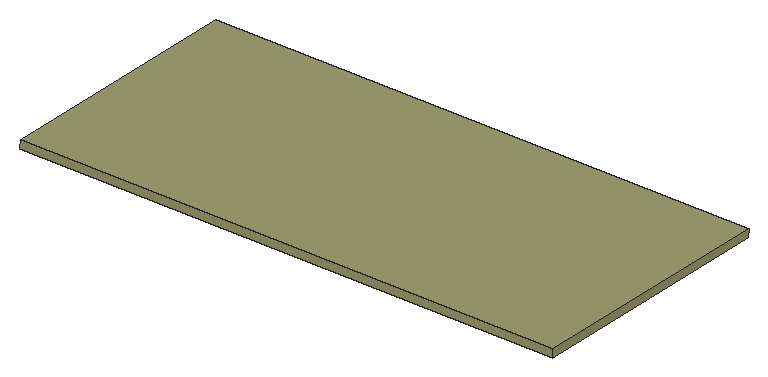
Revit family "Ecowool Classic Board (80kgm3)", category Generic Models, host Face, Revit 2020
Family settings
  Host = Face
  Can host rebar = No
  Round Connector Dimension = Use Diameter
  Part Type = Normal
  Cut with Voids When Loaded = No
  Shared = No
  Room Calculation Point = No
Parameters (values of type "EWBR 2580 (25mm)")
  Width [instance] = 800 mm
  Type of Insulation = "Glass Mineral Wool Insulation"
  Thermal R value = 0.8
  Thermal K value = 0.0309
  Remarks = ""
  Material Specification = ""
  Manufacturer = "PGF Insulation Sdn. Bhd."
  Insulation Thickness = 25 mm
  Length(mm) [instance] = 1740 mm
  Finish = Classic Board
  ECOWOOL Product thickness in mm = ""
  Description = "ECOWOOL™ CLASSIC board is specifically designed to provide superior\r\nfire resistance, acoustical and thermal insulation properties when\r\ninstalled in glass, metal or in fabricated metal pans. ECOWOOL™, the\r\nnew generation of glass mineral wool has been engineered to provide\r\nthe highest levels of thermal and acoustic performance for building\r\noccupants to achieve the level of indoor comfort deserved.\r\nMade from almost 80% recycled glass and locally sourced raw\r\nmaterials, ECOWOOL™ range of glass mineral wool is perfectly in tune\r\nwith sustainability and environmental concerns."
  Density = 80.00 kg/m³
  Default Elevation = 1219.2 mm
Types (3, lengths in mm): name | Thermal R value | Insulation Thickness | Description
  (no name) | 0.8 | 25 | "ECOWOOL™ CLASSIC board is specifically designed to provide superior\r\nfire resistance, acoustical and thermal insulation properties when\r\ninstalled in glass, metal or in fabricated metal pans. ECOWOOL™, the\r\nnew generation of glass mineral wool has been engineered to provide\r\nthe highest levels of thermal and acoustic performance for building\r\noccupants to achieve the level of indoor comfort deserved.\r\nMade from almost 80% recycled glass and locally sourced raw\r\nmaterials, ECOWOOL™ range of glass mineral wool is perfectly in tune\r\nwith sustainability and environmental concerns."
  EWBR 2580 (25mm) | 0.8 | 25 | "ECOWOOL™ CLASSIC board is specifically designed to provide superior\r\nfire resistance, acoustical and thermal insulation properties when\r\ninstalled in glass, metal or in fabricated metal pans. ECOWOOL™, the\r\nnew generation of glass mineral wool has been engineered to provide\r\nthe highest levels of thermal and acoustic performance for building\r\noccupants to achieve the level of indoor comfort deserved.\r\nMade from almost 80% recycled glass and locally sourced raw\r\nmaterials, ECOWOOL™ range of glass mineral wool is perfectly in tune\r\nwith sustainability and environmental concerns."
  EWBR 5080 (50mm) | 1.6 | 50 | "ECOWOOL™ CLASSIC board is specifically designed to provide superior\r\nfire resistance, acoustical and thermal insulation properties when\r\ninstalled in glass, metal or in fabricated metal pans. ECOWOOL™, the\r\nnew generation of glass mineral wool has been engineered to provide\r\nthe highest levels of thermal and acoustic performance for building\r\noccupants to achieve the level of indoor comfort deserved.\r\nMade from almost 80% recycled glass and locally sourced raw\r\nmaterials, ECOWOOL™ range of glass mineral wool is perfectly in tune\r\nwith sustainability and environmental concerns"
Reference planes
  plane 1 "Center (Front/Back)": y = 0
  plane 2: z = 0
  plane 3 "Center (Left/Right)": x = 0
  plane 4: x = 1740
  plane 5: y = -400
  plane 6: y = 400
Forms (mm)
  Sweep 1, solid, material "Classic Board" <- "Finish"
    path origin (0, 0, 0) x (1, 0, 0) y (0, 1, 0)
      loop
        line (0, 0) -> (1740, 0)
    profile origin (870, 0, 0) x (0, 1, 0) y (0, 0, 1)
      loop
        line (-400, 25) -> (-400, 0) -> (400, 0) -> (400, 25) -> (-400, 25)
Lines and regions (mm)
  reference lines
    curve 1: line (0, 0, 0) -> (1740, 0, 0)
Dimensions and locks
  "Width": plane 5 to plane 6
  equal spacing: plane 5, plane 1 "Center (Front/Back)", plane 6
  "Length(mm)": plane 3 "Center (Left/Right)" to plane 4
  "Insulation Thickness": host face to Sweep 1 sketch curve
  aligned and locked: plane 2 to host face
  aligned and locked: level to host face
  aligned and locked: plane 3 "Center (Left/Right)" to curve 1
  aligned and locked: plane 4 to curve 1
  aligned and locked: plane 3 "Center (Left/Right)" to Sweep 1 sketch curve
  aligned and locked: plane 4 to Sweep 1 sketch curve
  aligned and locked: level to Sweep 1 sketch curve
  aligned and locked: plane 6 to Sweep 1 sketch curve
  aligned and locked: Sweep 1 sketch curve to plane 5
Automatic sketch dimensions
  host sketch curve to host sketch curve = 1616.306 mm
  host sketch curve to host sketch curve = 2438.4 mm
  plane 1 "Center (Front/Back)" to curve 1 = 0 mm
  plane 1 "Center (Front/Back)" to Sweep 1 sketch curve = 0 mm
